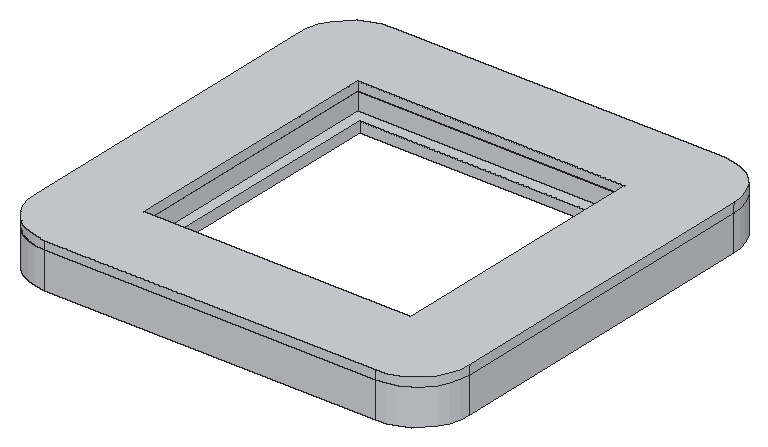
Revit family "Gira_0211414", category Electrical Fixtures, host Face, Revit 2017
Family settings
  Host = Face
  Maintain Annotation Orientation = No
  Round Connector Dimension = Use Diameter
  Part Type = Normal
  Cut with Voids When Loaded = No
  Shared = No
  Room Calculation Point = No
Parameters (values of type "Cov.fr. 1-g Gira E3 blue grey/p.white")
  URL = "http://katalog.gira.de/en/datenblatt.html?artikelnr=0211414"
  Transparent = "No"
  Name = "Cov.fr. 1-g Gira E3 blue grey/p.white"
  Manufacturer URL = "https://www.gira.de/"
  Manufacturer = "Gira"
  Keynote = ""
  HeinzeBIM = "https://bimportal.heinze.de/bim/cov-fr-1-g-gira-e3-blue-grey-p-white/58e5265672ad03db5953beb37cb3c7361f3b0931"
  HAN = "0211414"
  GTIN = "4010337024149"
  Description = "Cov.fr.1g E3 BgyPw,Gira E3 cover frame,blue grey soft touch with pure white glossy intermediate frame,1-gang,Features:,- Shatter-proof.,,Notes :,- Soft-touch surface,- NCS value: approx. NCS S 4010-R90B"
  Default Elevation = 1219.2 mm
  Data sheet (1) = "https://katalog.gira.de/en/download.html?artikelnr=0211414"
  Category = "Cover frame for domestic switching devices"
  BIM (1) = "https://media.stage.bim.site/public/gira/36a6b08/E3_Rahmen_1fach.rfa"
  Available = "No"
Reference planes
  plane 1 "Center (Front/Back)": y = 0
  plane 2: z = 0
  plane 3 "Center (Left/Right)": x = 0
Forms (mm)
  Extrusion 1, solid, detail levels fine
    sketch origin (0, 0, 0) x (1, 0, 0) y (0, 1, 0)
      loop
        arc (-34.8, 45.809) -> (-42.585, 42.585) -> (-45.809, 34.8) r 11.009
        line (-45.809, 34.8) -> (-45.809, -34.8)
        arc (-45.809, -34.8) -> (-42.585, -42.585) -> (-34.8, -45.809) r 11.009
        line (-34.8, -45.809) -> (34.8, -45.809)
        arc (34.8, -45.809) -> (42.585, -42.585) -> (45.809, -34.8) r 11.009
        line (45.809, -34.8) -> (45.809, 34.8)
        arc (45.809, 34.8) -> (42.585, 42.585) -> (34.8, 45.809) r 11.009
        line (34.8, 45.809) -> (-34.8, 45.809)
      loop
        line (28.187, 28.156) -> (-28.187, 28.156) -> (-28.187, -28.156) -> (28.187, -28.156) -> (28.187, 28.156)
    from 7.65 to 9.5
  Extrusion 2, solid, detail levels fine
    sketch origin (0, 0, 0) x (1, 0, 0) y (0, 1, 0)
      loop
        line (25.7, 25.7) -> (-25.7, 25.7) -> (-25.7, -25.7) -> (25.7, -25.7) -> (25.7, 25.7)
      loop
        line (-28.187, -28.156) -> (28.187, -28.156) -> (28.187, 28.156) -> (-28.187, 28.156) -> (-28.187, -28.156)
    from 1.65 to 3.9
  Extrusion 3, solid, detail levels fine
    sketch origin (0, 0, 0) x (1, 0, 0) y (0, 1, 0)
      loop
        arc (-34.8, 45.809) -> (-42.585, 42.585) -> (-45.809, 34.8) r 11.009
        line (-45.809, 34.8) -> (-45.809, -34.8)
        arc (-45.809, -34.8) -> (-42.585, -42.585) -> (-34.8, -45.809) r 11.009
        line (-34.8, -45.809) -> (34.8, -45.809)
        arc (34.8, -45.809) -> (42.585, -42.585) -> (45.809, -34.8) r 11.009
        line (45.809, -34.8) -> (45.809, 34.8)
        arc (45.809, 34.8) -> (42.585, 42.585) -> (34.8, 45.809) r 11.009
        line (34.8, 45.809) -> (-34.8, 45.809)
      loop
        line (-43.843, 34.785) -> (-43.843, -34.785)
        arc (-43.843, -34.785) -> (-41.19, -41.19) -> (-34.785, -43.843) r 9.058
        line (-34.785, -43.843) -> (34.785, -43.843)
        arc (34.785, -43.843) -> (41.19, -41.19) -> (43.843, -34.785) r 9.058
        line (43.843, -34.785) -> (43.843, 34.785)
        arc (43.843, 34.785) -> (41.19, 41.19) -> (34.785, 43.843) r 9.058
        line (34.785, 43.843) -> (-34.785, 43.843)
        arc (-34.785, 43.843) -> (-41.19, 41.19) -> (-43.843, 34.785) r 9.058
    from 0 to 7.65
  Extrusion 4, solid, detail levels fine
    sketch origin (0, 0, 0) x (1, 0, 0) y (0, 1, 0)
      loop
        line (-27.337, -31.075) -> (27.337, -31.075)
        arc (27.337, -31.075) -> (29.98, -29.98) -> (31.075, -27.337) r 3.739
        line (31.075, -27.337) -> (31.075, 27.337)
        arc (31.075, 27.337) -> (29.98, 29.98) -> (27.337, 31.075) r 3.739
        line (27.337, 31.075) -> (-27.337, 31.075)
        arc (-27.337, 31.075) -> (-29.98, 29.98) -> (-31.075, 27.337) r 3.739
        line (-31.075, 27.337) -> (-31.075, -27.337)
        arc (-31.075, -27.337) -> (-29.98, -29.98) -> (-27.337, -31.075) r 3.739
      loop
        line (-29.925, 27.537) -> (-29.925, -27.537)
        arc (-29.925, -27.537) -> (-29.226, -29.226) -> (-27.537, -29.925) r 2.389
        line (-27.537, -29.925) -> (27.537, -29.925)
        arc (27.537, -29.925) -> (29.226, -29.226) -> (29.925, -27.537) r 2.389
        line (29.925, -27.537) -> (29.925, 27.537)
        arc (29.925, 27.537) -> (29.226, 29.226) -> (27.537, 29.925) r 2.389
        line (27.537, 29.925) -> (-27.537, 29.925)
        arc (-27.537, 29.925) -> (-29.226, 29.226) -> (-29.925, 27.537) r 2.389
    from 1.65 to 7.65
  Extrusion 5, solid, detail levels fine
    sketch origin (0, 0, 0) x (1, 0, 0) y (0, 1, 0)
      loop
        line (-32.053, -39.8) -> (32.053, -39.8)
        arc (32.053, -39.8) -> (37.667, -36.708) -> (39.9, -30.7) r 9.2
        line (39.9, -30.7) -> (39.9, 30.7)
        arc (39.9, 30.7) -> (37.205, 37.205) -> (30.7, 39.9) r 9.2
        line (30.7, 39.9) -> (-30.7, 39.9)
        arc (-30.7, 39.9) -> (-37.205, 37.205) -> (-39.9, 30.7) r 9.2
        line (-39.9, 30.7) -> (-39.9, -30.7)
        arc (-39.9, -30.7) -> (-37.667, -36.708) -> (-32.053, -39.8) r 9.2
      loop
        line (-30.7, -31.7) -> (30.7, -31.7)
        arc (30.7, -31.7) -> (31.407, -31.407) -> (31.7, -30.7) r 1
        line (31.7, -30.7) -> (31.7, 30.7)
        arc (31.7, 30.7) -> (31.407, 31.407) -> (30.7, 31.7) r 1
        line (30.7, 31.7) -> (-30.7, 31.7)
        arc (-30.7, 31.7) -> (-31.407, 31.407) -> (-31.7, 30.7) r 1
        line (-31.7, 30.7) -> (-31.7, -30.7)
        arc (-31.7, -30.7) -> (-31.407, -31.407) -> (-30.7, -31.7) r 1
    from 1.65 to 3.9
  Extrusion 6, solid, detail levels fine
    sketch origin (0, 0, 0) x (1, 0, 0) y (0, 1, 0)
      loop
        line (-28.187, 28.156) -> (-28.187, -28.156) -> (28.187, -28.156) -> (28.187, 28.156) -> (-28.187, 28.156)
      loop
        line (-29.925, 29.925) -> (-29.925, -29.925) -> (29.925, -29.925) -> (29.925, 29.925) -> (-29.925, 29.925)
    from 1.65 to 7.65
  Extrusion 7, solid, detail levels coarse+medium
    sketch origin (0, 0, 0) x (1, 0, 0) y (0, 1, 0)
      loop
        line (-45.809, 45.809) -> (-45.809, -45.809) -> (45.809, -45.809) -> (45.809, 45.809) -> (-45.809, 45.809)
    from 0 to 9.5
Dimensions and locks
  aligned and locked: plane 2 to host face
  aligned and locked: level to host face
